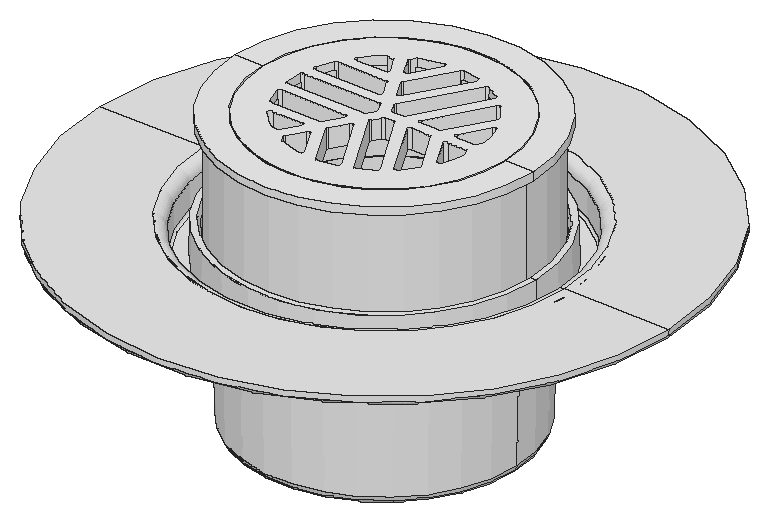
Revit family "4000.147 LM COB RN HF BE100", category Plumbing Fixtures, Revit 2016
Family settings
  Part Type = Normal
  Round Connector Dimension = Use Diameter
  Work Plane-Based = No
  Always vertical = Yes
  Cut with Voids When Loaded = No
  Shared = No
  Room Calculation Point = No
Parameters (values of type "4000.147")
  Waste Connection = yes
  Vent Connection = no
  URL = "www.aquaknight.co.nz"
  Phone = "+6498322214"  # constant formula
  Model = "LM COB RN HF BE100 – 4000.147"
  Manufacturer = "Aquanight Industries Ltd"  # constant formula
  HW Connection = no
  Email = "info@aquaknight.co.nz"  # constant formula
  Description = "DWV100 Free-form Tile Shower with Round Chrome LID"
  CW Connection = no
Reference planes
  plane 1 "Center (Front/Back)": y = 0
  plane 2: z = 0
  plane 3 "Center (Left/Right)": x = 0
  plane 4: z = -39.794
Forms (mm)
  Revolve 1, solid, material "PVC-Piping"
    sketch origin (-2.137, 0, 1.044) x (1, 0, 0) y (0, 0, 1)
      loop
        line (-67.564, -1.044) -> (-107.643, -1.044) -> (-107.643, -3.044)
        arc (-107.643, -3.044) -> (-107.35, -3.751) -> (-106.643, -4.044) r 1
        line (-106.643, -4.044) -> (-67.564, -4.044)
        arc (-67.564, -4.044) -> (-66.864, -4.33) -> (-66.564, -5.024) r 1
        line (-66.564, -5.024) -> (-66.38, -14.206)
        arc (-66.38, -14.206) -> (-65.303, -16.858) -> (-62.73, -18.111) r 4
        line (-62.73, -18.111) -> (-51.098, -19.128)
        arc (-51.098, -19.128) -> (-50.298, -19.518) -> (-49.963, -20.342) r 1.243
        line (-49.963, -20.342) -> (-48.994, -68.8) -> (-48.434, -70.248)
        arc (-48.434, -70.248) -> (-47.883, -70.944) -> (-47.035, -71.207) r 1.5
        line (-47.035, -71.207) -> (-46.162, -71.207) -> (-47.31, -13.84) -> (-49.643, -13.84) -> (-49.743, -8.84) -> (-50.363, -10.615) -> (-50.363, -8.84) -> (-50.363, 32.16) -> (-52.863, 32.16) -> (-52.863, -11.292) -> (-53.421, -8.84) -> (-53.513, -4.24) -> (-54.263, -1.74) -> (-56.563, -1.74) -> (-56.926, -15.607) -> (-62.468, -15.122)
        arc (-62.468, -15.122) -> (-63.112, -14.809) -> (-63.381, -14.146) r 1
        line (-63.381, -14.146) -> (-63.565, -4.964)
        arc (-63.565, -4.964) -> (-64.764, -2.187) -> (-67.564, -1.044) r 4
      axis (2.137, 32.16) -> (2.137, -71.207)
    angle from 0 to 360
  Extrusion 2, void
    sketch origin (0, 0, 4) x (0, 1, 0) y (-1, 0, 0)
      loop
        arc (28.066, 21.385) -> (25.082, 24.818) -> (21.681, 27.838) r 35.285
        arc (21.681, 27.838) -> (20.627, 27.948) -> (20.066, 27.049) r 1
        line (20.066, 27.049) -> (20.066, 15.627)
        arc (20.066, 15.627) -> (20.566, 14.761) -> (21.566, 14.761) r 1
        line (21.566, 14.761) -> (27.566, 18.225)
        arc (27.566, 18.225) -> (27.933, 18.591) -> (28.066, 19.091) r 1
        line (28.066, 19.091) -> (28.066, 21.385)
      loop
        line (16.033, 12.144) -> (16.033, 30.813)
        arc (16.033, 30.813) -> (15.881, 31.343) -> (15.472, 31.712) r 1
        arc (15.472, 31.712) -> (12.439, 33.02) -> (9.297, 34.038) r 35.285
        arc (9.297, 34.038) -> (8.426, 33.868) -> (8.033, 33.074) r 1
        line (8.033, 33.074) -> (8.033, 8.679)
        arc (8.033, 8.679) -> (8.533, 7.813) -> (9.533, 7.813) r 1
        line (9.533, 7.813) -> (15.533, 11.278)
        arc (15.533, 11.278) -> (15.899, 11.644) -> (16.033, 12.144) r 1
      loop
        arc (-8.033, 33.074) -> (-8.426, 33.868) -> (-9.297, 34.038) r 1
        arc (-9.297, 34.038) -> (-12.439, 33.02) -> (-15.472, 31.712) r 35.285
        arc (-15.472, 31.712) -> (-15.881, 31.343) -> (-16.033, 30.813) r 1
        line (-16.033, 30.813) -> (-16.033, 12.144)
        arc (-16.033, 12.144) -> (-15.899, 11.644) -> (-15.533, 11.278) r 1
        line (-15.533, 11.278) -> (-9.533, 7.813)
        arc (-9.533, 7.813) -> (-8.533, 7.813) -> (-8.033, 8.679) r 1
        line (-8.033, 8.679) -> (-8.033, 33.074)
      loop
        line (-28.066, 21.385) -> (-28.066, 19.091)
        arc (-28.066, 19.091) -> (-27.933, 18.591) -> (-27.566, 18.225) r 1
        line (-27.566, 18.225) -> (-21.566, 14.761)
        arc (-21.566, 14.761) -> (-20.566, 14.761) -> (-20.066, 15.627) r 1
        line (-20.066, 15.627) -> (-20.066, 27.049)
        arc (-20.066, 27.049) -> (-20.627, 27.948) -> (-21.681, 27.838) r 1
        arc (-21.681, 27.838) -> (-25.082, 24.818) -> (-28.066, 21.385) r 35.285
      loop
        arc (-32.553, 13.614) -> (-34.034, 9.313) -> (-34.949, 4.857) r 35.285
        arc (-34.949, 4.857) -> (-34.517, 3.89) -> (-33.459, 3.853) r 1
        line (-33.459, 3.853) -> (-23.566, 9.565)
        arc (-23.566, 9.565) -> (-23.066, 10.431) -> (-23.566, 11.297) r 1
        line (-23.566, 11.297) -> (-29.566, 14.761)
        arc (-29.566, 14.761) -> (-30.066, 14.895) -> (-30.566, 14.761) r 1
        line (-30.566, 14.761) -> (-32.553, 13.614)
      loop
        line (-18.533, 7.813) -> (-34.702, -1.521)
        arc (-34.702, -1.521) -> (-35.085, -1.918) -> (-35.199, -2.457) r 1
        arc (-35.199, -2.457) -> (-34.815, -5.738) -> (-34.126, -8.968) r 35.285
        arc (-34.126, -8.968) -> (-33.544, -9.637) -> (-32.659, -9.58) r 1
        line (-32.659, -9.58) -> (-11.533, 2.617)
        arc (-11.533, 2.617) -> (-11.033, 3.483) -> (-11.533, 4.349) r 1
        line (-11.533, 4.349) -> (-17.533, 7.813)
        arc (-17.533, 7.813) -> (-18.033, 7.947) -> (-18.533, 7.813) r 1
      loop
        line (-6.5, 0.866) -> (-31.578, -13.613)
        arc (-31.578, -13.613) -> (-32.031, -14.178) -> (-31.984, -14.901) r 1
        arc (-31.984, -14.901) -> (-30.558, -17.643) -> (-28.897, -20.249) r 35.285
        arc (-28.897, -20.249) -> (-28.294, -20.651) -> (-27.578, -20.541) r 1
        line (-27.578, -20.541) -> (-2.5, -6.062)
        arc (-2.5, -6.062) -> (-2.134, -5.696) -> (-2, -5.196) r 1
        line (-2, -5.196) -> (-2, -1.731)
        spline (-2, -1.731) -> (-2.004, -1.644) -> (-2.015, -1.558) -> (-2.034, -1.473) -> (-2.06, -1.39) -> (-2.094, -1.309) -> (-2.134, -1.232) -> (-2.181, -1.158) -> (-2.234, -1.089) -> (-2.292, -1.025) -> (-2.357, -0.966) -> (-2.426, -0.913) -> (-2.499, -0.866)
        line (-2.499, -0.866) -> (-5.5, 0.866)
        arc (-5.5, 0.866) -> (-6, 1) -> (-6.5, 0.866) r 1
      loop
        arc (-24.626, -23.494) -> (-25.118, -24.232) -> (-24.83, -25.07) r 1
        arc (-24.83, -25.07) -> (-22.377, -27.282) -> (-19.728, -29.255) r 35.285
        arc (-19.728, -29.255) -> (-19.203, -29.425) -> (-18.669, -29.292) r 1
        line (-18.669, -29.292) -> (-2.5, -19.957)
        arc (-2.5, -19.957) -> (-2.134, -19.591) -> (-2, -19.091) r 1
        line (-2, -19.091) -> (-2, -12.163)
        arc (-2, -12.163) -> (-2.5, -11.297) -> (-3.5, -11.297) r 1
        line (-3.5, -11.297) -> (-24.626, -23.494)
      loop
        line (-4.486, -34.999) -> (-2.5, -33.852)
        arc (-2.5, -33.852) -> (-2.134, -33.486) -> (-2, -32.986) r 1
        line (-2, -32.986) -> (-2, -26.058)
        arc (-2, -26.058) -> (-2.5, -25.192) -> (-3.5, -25.192) r 1
        line (-3.5, -25.192) -> (-13.392, -30.903)
        arc (-13.392, -30.903) -> (-13.89, -31.838) -> (-13.268, -32.695) r 1
        arc (-13.268, -32.695) -> (-8.952, -34.131) -> (-4.486, -34.999) r 35.285
      loop
        arc (4.486, -34.999) -> (8.952, -34.131) -> (13.268, -32.695) r 35.285
        arc (13.268, -32.695) -> (13.89, -31.838) -> (13.392, -30.903) r 1
        line (13.392, -30.903) -> (3.5, -25.192)
        arc (3.5, -25.192) -> (2.5, -25.192) -> (2, -26.058) r 1
        line (2, -26.058) -> (2, -32.986)
        arc (2, -32.986) -> (2.134, -33.486) -> (2.5, -33.852) r 1
        line (2.5, -33.852) -> (4.486, -34.999)
      loop
        line (2, -12.163) -> (2, -19.091)
        arc (2, -19.091) -> (2.134, -19.591) -> (2.5, -19.957) r 1
        line (2.5, -19.957) -> (18.669, -29.292)
        arc (18.669, -29.292) -> (19.203, -29.425) -> (19.728, -29.255) r 1
        arc (19.728, -29.255) -> (22.377, -27.282) -> (24.83, -25.07) r 35.285
        arc (24.83, -25.07) -> (25.118, -24.232) -> (24.626, -23.494) r 1
        line (24.626, -23.494) -> (3.5, -11.297)
        arc (3.5, -11.297) -> (2.5, -11.297) -> (2, -12.163) r 1
      loop
        line (2.5, -6.062) -> (27.578, -20.541)
        arc (27.578, -20.541) -> (28.294, -20.651) -> (28.897, -20.249) r 1
        arc (28.897, -20.249) -> (30.558, -17.643) -> (31.984, -14.901) r 35.285
        arc (31.984, -14.901) -> (32.031, -14.178) -> (31.578, -13.613) r 1
        line (31.578, -13.613) -> (6.5, 0.866)
        arc (6.5, 0.866) -> (6, 1) -> (5.5, 0.866) r 1
        line (5.5, 0.866) -> (2.499, -0.866)
        spline (2.499, -0.866) -> (2.426, -0.913) -> (2.357, -0.966) -> (2.292, -1.025) -> (2.234, -1.089) -> (2.181, -1.158) -> (2.134, -1.232) -> (2.094, -1.309) -> (2.06, -1.39) -> (2.034, -1.473) -> (2.015, -1.558) -> (2.004, -1.644) -> (2, -1.731)
        line (2, -1.731) -> (2, -5.196)
        arc (2, -5.196) -> (2.134, -5.696) -> (2.5, -6.062) r 1
      loop
        arc (32.659, -9.58) -> (33.544, -9.637) -> (34.126, -8.968) r 1
        arc (34.126, -8.968) -> (34.815, -5.738) -> (35.199, -2.457) r 35.285
        arc (35.199, -2.457) -> (35.085, -1.918) -> (34.702, -1.521) r 1
        line (34.702, -1.521) -> (18.533, 7.813)
        arc (18.533, 7.813) -> (18.033, 7.947) -> (17.533, 7.813) r 1
        line (17.533, 7.813) -> (11.533, 4.349)
        arc (11.533, 4.349) -> (11.033, 3.483) -> (11.533, 2.617) r 1
        line (11.533, 2.617) -> (32.659, -9.58)
      loop
        line (32.553, 13.614) -> (30.566, 14.761)
        arc (30.566, 14.761) -> (30.066, 14.895) -> (29.566, 14.761) r 1
        line (29.566, 14.761) -> (23.566, 11.297)
        arc (23.566, 11.297) -> (23.066, 10.431) -> (23.566, 9.565) r 1
        line (23.566, 9.565) -> (33.459, 3.853)
        arc (33.459, 3.853) -> (34.517, 3.89) -> (34.949, 4.857) r 1
        arc (34.949, 4.857) -> (34.034, 9.313) -> (32.553, 13.614) r 35.285
      loop
        line (4, 5.196) -> (4, 34.153)
        arc (4, 34.153) -> (3.737, 34.829) -> (3.088, 35.15) r 1
        arc (3.088, 35.15) -> (0, 35.285) -> (-3.088, 35.15) r 35.285
        arc (-3.088, 35.15) -> (-3.737, 34.829) -> (-4, 34.153) r 1
        line (-4, 34.153) -> (-4, 5.196)
        arc (-4, 5.196) -> (-3.866, 4.696) -> (-3.5, 4.33) r 1
        line (-3.5, 4.33) -> (-0.499, 2.598)
        spline (-0.499, 2.598) -> (-0.422, 2.557) -> (-0.342, 2.524) -> (-0.258, 2.498) -> (-0.173, 2.479) -> (-0.087, 2.468) -> (0, 2.464) -> (0.087, 2.468) -> (0.173, 2.479) -> (0.258, 2.498) -> (0.342, 2.524) -> (0.422, 2.557) -> (0.499, 2.598)
        line (0.499, 2.598) -> (3.5, 4.33)
        arc (3.5, 4.33) -> (3.866, 4.696) -> (4, 5.196) r 1
    from 0 to 97.858
  Extrusion 3, solid, material "Steel, Chrome Plated"
    sketch origin (0, 0, 4) x (0, 1, 0) y (-1, 0, 0)
      loop
        circle (0, 0) r 46.5
    from 29.204 to 32.204
  Extrusion 4, solid, material "Steel, Chrome Plated"
    sketch origin (0, 0, 33.204) x (-1, 0, 0) y (0, 1, 0)
      loop
        circle (0, 0) r 35
    from 0 to 4.3
  Revolve 5, solid, material "Steel, Chrome Plated"
    sketch origin (0, 0, 0) x (1, 0, 0) y (0, 0, 1)
      loop
        line (-50, 33.204) -> (-50, 23.204) -> (-47, 23.204) -> (-47, 29.954) -> (-42, 29.954) -> (-42, 33.004) -> (-47, 33.004) -> (-47, 36.204) -> (-57.5, 36.204) -> (-57.5, 33.204) -> (-50, 33.204)
      axis (0, 36.204) -> (0, 23.204)
    angle from 0 to 360
Cuts and joins
  Extrusion 2 cuts Extrusion 3
  Extrusion 2 cuts Extrusion 4
  joined: Extrusion 3, Extrusion 4
Lines and regions (mm)
  model lines, detail levels fine
    curve 1: circle (-67.02, -67.02, 0) r 3.15 normal (0, 0, -1)
    curve 2: circle (67.02, -67.02, 0) r 3.15 normal (0, 0, 1)
    curve 3: circle (-67.02, 67.02, 0) r 3.15 normal (0, 0, 1)
    curve 4: circle (67.02, 67.02, 0) r 3.15 normal (0, 0, -1)
Dimensions and locks
  locked: connector elem to plane 1 "Center (Front/Back)" at 0
  locked: connector elem to plane 3 "Center (Left/Right)"
  locked: plane 2 to plane 4 at 39.794
  aligned and locked: level to plane 2
  aligned and locked: Revolve 5 sketch curve to plane 3 "Center (Left/Right)"
Connectors
  piping at (0, 0, -39.794), diameter 80
    settings: on plane 4, index 1, connector inside diameter 609.6 mm, connector length 0 mm, flow factor 0, pipe flow 0.0 L/s, pressure drop 0.0 Pa, fitting loss kfactor 0, connector angle 0.00°, fixture units 0, engagement length 0 mm, angle of deflection 0.00°, flow configuration 0, flow direction 2, fitting loss method 0, system type 28, joint type 0, gender type 0, connector reference index -1, connector utility 0, adjustable connector no, is connector primary yes, connector description ""
